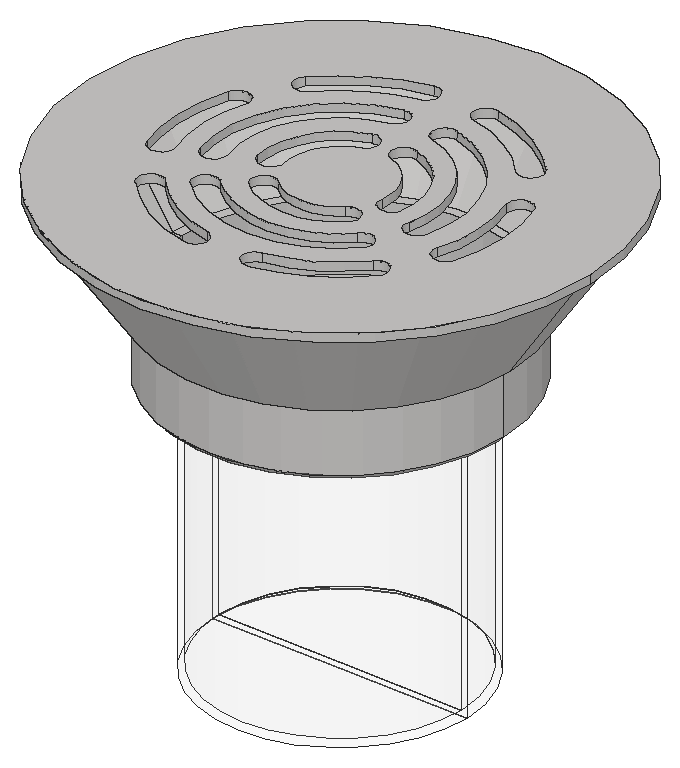
Revit family "PlumbingFixture_Drain_Galvin_DIV", category Plumbing Fixtures, host Face, Revit 2011
Parameters (values of type "DI4S06VX - ST/ST 316")
  URL = "www.galvinengineering.com.au"
  Type Comments = "Round Vinyl"
  StyleOrType_ANZRS = "Drain"
  ModifiedIssue_ANZRS = 20140526.01  # constant formula
  Model = "DI4S06VX - ST/ST 316"
  Manufacturer = "Galvin Engineering"
  Keynote = "10800"
  Instructions = "http://www.galvinengineering.com.au/Installation_Guides_1.aspx"
  GrateMaterial = Metal_Drains_Stainless-Steel_15400
  FilterObject_ANZRS = "DIVX"
  OutletRadius_DoNotEdit = 50 mm
  DimTop = 150 mm  # constant formula
  DimOutlet = if(OutletRadius_DoNotEdit > 0 mm, (OutletRadius_DoNotEdit * 2), (OutletRadius_DoNotEdit * 2))  # 100 mm
  DimGrateStrainer = 96 mm
  DimGrateHeight = 42 mm  # constant formula
  DimGrateDepth = 25 mm  # constant formula
  Description = "Round Vinyl Industrial Trap Combination"
  Default Elevation = 0 mm
  CreatedBy_ANZRS = "Galvin Engineering"
  CreatedByURL_ANZRS = "www.galvinengineering.com.au"
  CreatedByPhoneNo_ANZRS = "61-8-92495900"
  Circulation_ANZRS = yes
  CHWFlow_ANZRS = 2.8 L/s
  BodyMaterial = Metal_Drains_Perforated_15400
  Assembly Code = "D2040200"
  Application = "PVC/HDPE/Cu"
Types (3, lengths in mm): name | Model | DimGrateStrainer
  (no name) | "DI4S06VX - ST/ST 316" | 96
  DI4S06VX - ST/ST 316 | "DI4S06VX - ST/ST 316" | 96
  DI4M06VX - ST/ST 316 | "DI4M06VX - ST/ST 316" | 114
Reference planes
  plane 1 "Center (Front/Back)": y = 0
  plane 2 "Face": z = 0
  plane 3 "Center (Left/Right)": x = 0
  plane 4 "Strainer": z = -67
  plane 5 "Bottom": z = -163
  plane 6 "GrateHeight": z = -42
  plane 7 "Left": x = -75
  plane 8 "Right": x = 75
Forms (mm)
  Revolve 1, solid, material "Metal_Drains_Stainless-Steel_15400" <- "GrateMaterial"
    sketch origin (0, 0, 0) x (1, 0, 0) y (0, 0, 1)
      loop
        line (60.465, -42) -> (63.216, -42) -> (89.926, -3) -> (87.502, -3) -> (62.161, -40) -> (58.465, -40) -> (58.465, -65) -> (45.015, -65) -> (45.015, -67) -> (58.465, -67) -> (60.465, -65) -> (60.465, -42)
      axis (0, -3) -> (0, -67)
    angle from 0 to 360
  Extrusion 2, solid, material "Metal_Drains_Stainless-Steel_15400" <- "GrateMaterial"
    sketch origin (0, 0, 0) x (1, 0, 0) y (0, 1, 0)
      loop
        circle (0, 0) r 92.5
      loop
        arc (-12.275, 58.415) -> (-30.066, 51.54) -> (-44.767, 39.389) r 59.5
        arc (-44.767, 39.389) -> (-44.346, 33.039) -> (-37.996, 33.46) r 4.5
        arc (-37.996, 33.46) -> (-25.518, 43.773) -> (-10.418, 49.609) r 50.5
        arc (-10.418, 49.609) -> (-6.944, 54.94) -> (-12.275, 58.415) r 4.5
      loop
        arc (44.139, 40.094) -> (29.247, 52.011) -> (11.348, 58.603) r 59.5
        arc (11.348, 58.603) -> (6.073, 55.044) -> (9.632, 49.768) r 4.5
        arc (9.632, 49.768) -> (24.823, 44.173) -> (37.463, 34.059) r 50.5
        arc (37.463, 34.059) -> (43.819, 33.738) -> (44.139, 40.094) r 4.5
      loop
        arc (56.632, -18.057) -> (59.496, 0.88) -> (56.196, 19.746) r 59.5
        arc (56.196, 19.746) -> (50.467, 22.517) -> (47.696, 16.788) r 4.5
        arc (47.696, 16.788) -> (50.497, 0.776) -> (48.065, -15.296) r 50.5
        arc (48.065, -15.296) -> (50.968, -20.959) -> (56.632, -18.057) r 4.5
      loop
        arc (12.326, -58.014) -> (30.248, -51.043) -> (45.01, -38.72) r 59.5
        arc (45.01, -38.72) -> (44.549, -32.372) -> (38.202, -32.833) r 4.5
        arc (38.202, -32.833) -> (25.673, -43.293) -> (10.462, -49.21) r 50.5
        arc (10.462, -49.21) -> (6.991, -54.544) -> (12.326, -58.014) r 4.5
      loop
        arc (-44.39, -39.425) -> (-29.436, -51.514) -> (-11.407, -58.201) r 59.5
        arc (-11.407, -58.201) -> (-6.128, -54.648) -> (-9.681, -49.368) r 4.5
        arc (-9.681, -49.368) -> (-24.983, -43.692) -> (-37.676, -33.432) r 50.5
        arc (-37.676, -33.432) -> (-44.029, -33.072) -> (-44.39, -39.425) r 4.5
      loop
        arc (-56.499, 18.853) -> (-59.499, -0.062) -> (-56.336, -18.95) r 59.5
        arc (-56.336, -18.95) -> (-50.627, -21.762) -> (-47.815, -16.054) r 4.5
        arc (-47.815, -16.054) -> (-50.5, -0.023) -> (-47.953, 16.03) r 50.5
        arc (-47.953, 16.03) -> (-50.815, 21.714) -> (-56.499, 18.853) r 4.5
      loop
        arc (-10.386, 42.236) -> (-38.171, 21.681) -> (-41.939, -12.675) r 43.125
        arc (-41.939, -12.675) -> (-36.302, -15.627) -> (-33.35, -9.989) r 4.5
        arc (-33.35, -9.989) -> (-30.368, 17.197) -> (-8.382, 33.462) r 34.125
        arc (-8.382, 33.462) -> (-4.997, 38.852) -> (-10.386, 42.236) r 4.5
      loop
        arc (-8.833, 25.382) -> (-23.397, 13.223) -> (-26.301, -5.526) r 26.875
        arc (-26.301, -5.526) -> (-20.972, -9.004) -> (-17.493, -3.675) r 4.5
        arc (-17.493, -3.675) -> (-15.562, 8.795) -> (-5.875, 16.882) r 17.875
        arc (-5.875, 16.882) -> (-3.104, 22.611) -> (-8.833, 25.382) r 4.5
      loop
        arc (32.154, -8.744) -> (35.318, -14.266) -> (40.839, -11.101) r 4.5
        arc (40.839, -11.101) -> (36.397, 22.051) -> (9.589, 42.055) r 43.125
        arc (9.589, 42.055) -> (4.139, 38.769) -> (7.425, 33.319) r 4.5
        arc (7.425, 33.319) -> (28.638, 17.49) -> (32.154, -8.744) r 34.125
      loop
        arc (26.491, -4.528) -> (22.88, 14.098) -> (7.866, 25.698) r 26.875
        arc (7.866, 25.698) -> (2.246, 22.712) -> (5.232, 17.092) r 4.5
        arc (5.232, 17.092) -> (15.218, 9.377) -> (17.619, -3.012) r 17.875
        arc (17.619, -3.012) -> (21.297, -8.206) -> (26.491, -4.528) r 4.5
      loop
        arc (-31.536, -30.035) -> (0.221, -42.919) -> (31.346, -28.575) r 43.125
        arc (31.346, -28.575) -> (30.995, -22.221) -> (24.641, -22.571) r 4.5
        arc (24.641, -22.571) -> (0.012, -33.921) -> (-25.117, -23.726) r 34.125
        arc (-25.117, -23.726) -> (-31.481, -23.671) -> (-31.536, -30.035) r 4.5
      loop
        arc (-17.825, -20.113) -> (0.504, -26.87) -> (18.567, -19.431) r 26.875
        arc (18.567, -19.431) -> (18.711, -13.068) -> (12.349, -12.924) r 4.5
        arc (12.349, -12.924) -> (0.335, -17.872) -> (-11.856, -13.378) r 17.875
        arc (-11.856, -13.378) -> (-18.208, -13.761) -> (-17.825, -20.113) r 4.5
    from 0 to -3
  Revolve 3, solid, material "Metal_Drains_Perforated_15400" <- "BodyMaterial"
    sketch origin (0, 0, 0) x (1, 0, 0) y (0, 0, 1)
      loop
        line (47.015, -67) -> (45.015, -67) -> (45.015, -161) -> (0, -161) -> (0, -163) -> (47.015, -163) -> (47.015, -67)
      axis (0, -67) -> (0, -163)
    angle from 0 to 360
  Revolve 4, void
    sketch origin (0, 0, 0) x (1, 0, 0) y (0, 0, 1)
      loop
        line (60.465, -42) -> (63.216, -42) -> (89.926, -3) -> (92.5, -3) -> (92.5, 0) -> (0, 0) -> (0, -163) -> (47.015, -163) -> (47.015, -67) -> (58.465, -67) -> (60.465, -65) -> (60.465, -42)
      axis (0, 0) -> (0, -163)
    angle from 0 to 360
Lines and regions (mm)
  symbolic lines, style "Waste Outlets", detail levels medium+fine
    curve 1: circle (0, 0, 0) r 68.5 normal (0, 0, 1)
    curve 4: circle (-51.095, -29.5, 0) r 2.31 normal (0, 0, 1)
    curve 6: circle (51.095, -29.5, 0) r 2.31 normal (0, 0, 1)
    curve 8: circle (0, 59, 0) r 2.31 normal (0, 0, 1)
  symbolic lines, style "Waste Outlets"
    curve 2: circle (0, 0, 0) r 75 normal (0, 0, 1)
    curve 3: circle (-51.095, -29.5, 0) r 6 normal (0, 0, 1)
    curve 5: circle (51.095, -29.5, 0) r 6 normal (0, 0, 1)
    curve 7: circle (0, 59, 0) r 6 normal (0, 0, 1)
Dimensions and locks
  "DimGrateStrainer": plane 4 "Strainer" to plane 5 "Bottom"
  "DimGrateHeight": plane 2 "Face" to plane 6 "GrateHeight"
  "DimGrateDepth": plane 6 "GrateHeight" to plane 4 "Strainer"
  "DimTop": plane 7 "Left" to plane 8 "Right"
  aligned and locked: plane 2 "Face" to host face
  aligned and locked: level to host face
  aligned and locked: plane 5 "Bottom" to Revolve 3 sketch curve
  aligned and locked: Revolve 4 sketch curve to plane 5 "Bottom"
Automatic sketch dimensions
  host sketch curve to host sketch curve = 400 mm  (x2)
  Revolve 3 sketch curve to plane 3 "Center (Left/Right)" = 0 mm  (x2)
  Revolve 3 sketch curve to plane 4 "Strainer" = 0 mm
  plane 3 "Center (Left/Right)" to Revolve 3 sketch curve = 45.015 mm
  Revolve 3 sketch curve to Revolve 3 sketch curve = 2 mm  (x2)
  plane 4 "Strainer" to Revolve 3 sketch curve = 44.509 mm
  Revolve 3 sketch curve to Revolve 3 sketch curve = 27.509 mm
  plane 1 "Center (Front/Back)" to Extrusion 2 sketch curve = 0 mm
  Extrusion 2 sketch curve to plane 3 "Center (Left/Right)" = 0 mm  (x2)
  Extrusion 2 sketch curve to Extrusion 2 sketch curve = 0 mm  (x81)
  Extrusion 2 sketch curve to plane 3 "Center (Left/Right)" = 10.418 mm
  Extrusion 2 sketch curve to Extrusion 2 sketch curve = 0.928 mm
  Extrusion 2 sketch curve to Extrusion 2 sketch curve = 27.577 mm
  Extrusion 2 sketch curve to Extrusion 2 sketch curve = 3.386 mm
  Extrusion 2 sketch curve to Extrusion 2 sketch curve = 0.195 mm
  Extrusion 2 sketch curve to plane 1 "Center (Front/Back)" = 33.46 mm
  plane 3 "Center (Left/Right)" to Extrusion 2 sketch curve = 9.632 mm
  Extrusion 2 sketch curve to Extrusion 2 sketch curve = 0.858 mm
  Extrusion 2 sketch curve to Extrusion 2 sketch curve = 27.831 mm
  Extrusion 2 sketch curve to Extrusion 2 sketch curve = 3.338 mm
  Extrusion 2 sketch curve to plane 1 "Center (Front/Back)" = 34.059 mm
  Extrusion 2 sketch curve to Extrusion 2 sketch curve = 10.233 mm
  plane 1 "Center (Front/Back)" to Extrusion 2 sketch curve = 15.296 mm
  Extrusion 2 sketch curve to Extrusion 2 sketch curve = 0.369 mm
  Extrusion 2 sketch curve to Extrusion 2 sketch curve = 4.25 mm
  Extrusion 2 sketch curve to Extrusion 2 sketch curve = 4.283 mm
  plane 3 "Center (Left/Right)" to Extrusion 2 sketch curve = 10.462 mm
  Extrusion 2 sketch curve to Extrusion 2 sketch curve = 0.932 mm
  Extrusion 2 sketch curve to Extrusion 2 sketch curve = 9.864 mm
  Extrusion 2 sketch curve to Extrusion 2 sketch curve = 3.404 mm
  Extrusion 2 sketch curve to Extrusion 2 sketch curve = 17.538 mm
  Extrusion 2 sketch curve to plane 3 "Center (Left/Right)" = 44.39 mm
  Extrusion 2 sketch curve to Extrusion 2 sketch curve = 3.357 mm
  Extrusion 2 sketch curve to plane 3 "Center (Left/Right)" = 11.407 mm
  Extrusion 2 sketch curve to Extrusion 2 sketch curve = 0.863 mm
  Extrusion 2 sketch curve to Extrusion 2 sketch curve = 4.589 mm
  Extrusion 2 sketch curve to Extrusion 2 sketch curve = 10.139 mm
  Extrusion 2 sketch curve to plane 1 "Center (Front/Back)" = 16.03 mm
  Extrusion 2 sketch curve to Extrusion 2 sketch curve = 9.957 mm
  Extrusion 2 sketch curve to Extrusion 2 sketch curve = 4.261 mm
  Extrusion 2 sketch curve to Extrusion 2 sketch curve = 4.273 mm
  Extrusion 2 sketch curve to Extrusion 2 sketch curve = 5.875 mm
  Extrusion 2 sketch curve to Extrusion 2 sketch curve = 4.295 mm
  Extrusion 2 sketch curve to Extrusion 2 sketch curve = 0.032 mm
  Extrusion 2 sketch curve to Extrusion 2 sketch curve = 1.002 mm
  Extrusion 2 sketch curve to Extrusion 2 sketch curve = 3.378 mm
  Extrusion 2 sketch curve to Extrusion 2 sketch curve = 1.343 mm
  Extrusion 2 sketch curve to Extrusion 2 sketch curve = 7.049 mm
  Extrusion 2 sketch curve to Extrusion 2 sketch curve = 4.404 mm
  Extrusion 2 sketch curve to Extrusion 2 sketch curve = 0.451 mm
  Extrusion 2 sketch curve to Extrusion 2 sketch curve = 1.479 mm
  plane 1 "Center (Front/Back)" to Extrusion 2 sketch curve = 5.526 mm
  plane 3 "Center (Left/Right)" to Extrusion 2 sketch curve = 7.425 mm
  Extrusion 2 sketch curve to Extrusion 2 sketch curve = 1.082 mm
  Extrusion 2 sketch curve to Extrusion 2 sketch curve = 15.912 mm
  Extrusion 2 sketch curve to Extrusion 2 sketch curve = 4.343 mm
  Extrusion 2 sketch curve to Extrusion 2 sketch curve = 4.194 mm
  plane 3 "Center (Left/Right)" to Extrusion 2 sketch curve = 5.232 mm
  Extrusion 2 sketch curve to Extrusion 2 sketch curve = 1.317 mm
  plane 1 "Center (Front/Back)" to Extrusion 2 sketch curve = 3.012 mm
  Extrusion 2 sketch curve to Extrusion 2 sketch curve = 14.534 mm
  plane 1 "Center (Front/Back)" to Extrusion 2 sketch curve = 3.77 mm
  Extrusion 2 sketch curve to Extrusion 2 sketch curve = 6.14 mm
  Extrusion 2 sketch curve to Extrusion 2 sketch curve = 3.209 mm
  Extrusion 2 sketch curve to Extrusion 2 sketch curve = 7.512 mm
  Extrusion 2 sketch curve to Extrusion 2 sketch curve = 3.352 mm
  Extrusion 2 sketch curve to Extrusion 2 sketch curve = 3.398 mm
  Extrusion 2 sketch curve to Extrusion 2 sketch curve = 7.292 mm
  Extrusion 2 sketch curve to Extrusion 2 sketch curve = 2.985 mm
  Extrusion 2 sketch curve to Extrusion 2 sketch curve = 5.271 mm
  Extrusion 2 sketch curve to Extrusion 2 sketch curve = 3.109 mm
  Extrusion 2 sketch curve to Extrusion 2 sketch curve = 3.613 mm
  Revolve 1 sketch curve to plane 3 "Center (Left/Right)" = 0 mm
  Revolve 1 sketch curve to Revolve 1 sketch curve = 13.45 mm  (x2)
  Revolve 1 sketch curve to Revolve 1 sketch curve = 2 mm  (x2)
  Revolve 1 sketch curve to plane 4 "Strainer" = 27 mm
  Revolve 1 sketch curve to Revolve 1 sketch curve = 1.696 mm
  Revolve 1 sketch curve to Revolve 1 sketch curve = 1.054 mm
  Revolve 1 sketch curve to level = 3 mm
  Revolve 1 sketch curve to Revolve 1 sketch curve = 25.34 mm
  Revolve 1 sketch curve to Revolve 1 sketch curve = 2.424 mm
  plane 4 "Strainer" to Revolve 1 sketch curve = 14.509 mm
  Revolve 1 sketch curve to Revolve 1 sketch curve = 0 mm
  level to Revolve 1 sketch curve = 17.491 mm
  Revolve 1 sketch curve to plane 4 "Strainer" = 2 mm
  Revolve 1 sketch curve to plane 4 "Strainer" = 0 mm
  plane 3 "Center (Left/Right)" to Revolve 1 sketch curve = 45.015 mm
  Revolve 4 sketch curve to plane 3 "Center (Left/Right)" = 0 mm  (x2)
  Revolve 4 sketch curve to plane 4 "Strainer" = 0 mm
  Revolve 4 sketch curve to level = 0 mm
  Revolve 4 sketch curve to Revolve 4 sketch curve = 47.015 mm
  Revolve 4 sketch curve to Revolve 4 sketch curve = 11.45 mm
  Revolve 4 sketch curve to Revolve 4 sketch curve = 2 mm
  Revolve 4 sketch curve to Revolve 4 sketch curve = 2.75 mm
  Revolve 4 sketch curve to level = 3 mm
  Revolve 4 sketch curve to Revolve 4 sketch curve = 26.71 mm
  Revolve 4 sketch curve to Revolve 4 sketch curve = 2.574 mm
  plane 4 "Strainer" to Revolve 4 sketch curve = 14.509 mm
  Revolve 4 sketch curve to plane 4 "Strainer" = 2 mm
  Revolve 4 sketch curve to Revolve 4 sketch curve = 23 mm
  level to Revolve 4 sketch curve = 17.491 mm
  radius of Extrusion 2 sketch curve = 92.5 mm
Connectors
  piping at (0, 0, -67), driven by "OutletRadius_DoNotEdit"
    settings: on Revolve 1, index 1, connector radius 1.9685", flow factor 0, pipe flow 0.0 L/s, pressure drop 0.00 psi, fitting loss kfactor 0, connector angle 0.00°, fixture units 0, engagement length 0 mm, flow configuration 0, flow direction 0, fitting loss method 0, system type 28, joint type 0, gender type 0, connector reference index -1, connector utility 0, adjustable connector no, is connector primary yes, fitting loss table "", connector description ""
